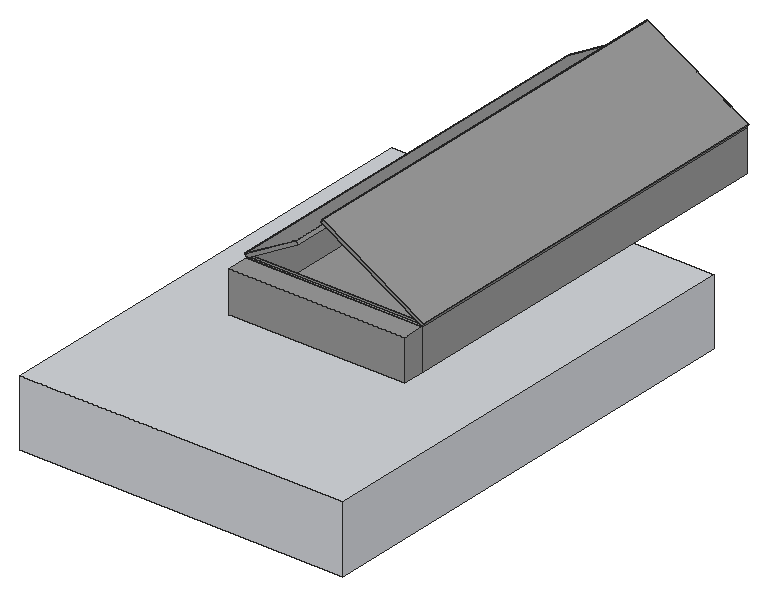
Revit family "Hager-Univers-IP54-D205-H1950-Cl.I-encl-PL-pl", category Equipement électrique, Revit 2020
Family settings
  Hôte = Face
  Configuration du panneau = Deux colonnes, circuits au sein
  Cote de connecteur circulaire = Utiliser le diamètre
  Type d'élément = Tableau de raccordement
  Couper avec des vides une fois chargée = Non
  Partagée = Non
  Point de calcul de pièce = Non
Parameters (values of type "Montaż podłogowy IP54 S800 W1950 G205  - FP23TW2")
  Width Control [instance] = if([EF000008 - Szerokość] > Min Width, [EF000008 - Szerokość], Min Width)  # 800 mm
  Commentaires du type = [HG000003 - Zakres]  # "Univers"
  Thickness Door [instance] = if([EF009171 - Drzwi/pokrywa z materiału o wysokiej wytrzymałości mechanicznej] > 3 mm, 3 mm, [EF009171 - Drzwi/pokrywa z materiału o wysokiej wytrzymałości mechanicznej])  # 1 mm
  Seal Frame Offset [instance] = 17 mm  # constant formula
  Plinth Visibility [instance] = [HG000027 - Wysokość cokołu] > 0 mm  # yes
  Model = ""
  Min Width [instance] = 100 mm  # constant formula
  Min Height [instance] = 100 mm  # constant formula
  Min Depth [instance] = (2 * [EF009170 - Obudowa z materiału o wysokiej wytrzymałości mechanicznej]) + 1 mm  # 3 mm
  Internal Frame Depth [instance] = (Door System Depth * 0.5)  # 9 mm
  Height Control [instance] = if([EF000040 - Wysokość] > Min Height, [EF000040 - Wysokość], Min Height)  # 1950 mm
  HG000027 - Wysokość cokołu = 100 mm
  HG000026 - Stojąca = yes
  HG000024 - Wysokość części dolnej = 800 mm
  HG000023 - Obudowa dwusekcyjna = no
  HG000016 - Widoczność drzwi w widoku 3D [instance] = yes
  HG000015 - Przestrzeń robocza - otwarcie drzwi [instance] = no
  HG000014 - Drzwi prawe [instance] = yes
  HG000013 - Drzwi lewe [instance] = not([HG000014 - Drzwi prawe])  # no
  HG000012 - Kąt otwarcia drzwi [instance] = 30.00°
  HG000010 - Drzwi asymetryczne = yes
  HG000009 - Drzwi dwuskrzydłowe = yes
  HG000006 - Montaż podtynkowy = no
  HG000004 - Referencja producenta = "FP23TW2"
  HG000003 - Zakres = "Univers"
  HG000002 - Z drzwiami lub pokrywą = yes
  Frame Offset Bottom [instance] = 10 mm  # constant formula
  Frame Offset [instance] = 15 mm  # constant formula
  EF015940 - Pokrywa z wyzwalaczem nadciśnieniowym = no
  EF011959 - Stopień ochrony (NEMA) = ""
  EF009554 - Liczba otworów pod flansze = 6
  Fabricant = "Hager"  # constant formula
  EF009212 - Wykonanie pokrywy = "EV000116 - Zamknięty"
  EF009171 - Drzwi/pokrywa z materiału o wysokiej wytrzymałości mechanicznej = 1 mm
  EF009170 - Obudowa z materiału o wysokiej wytrzymałości mechanicznej = 1 mm
  EF008873 - Prąd znamionowy (In) = 400 A
  EF007800 - Do ochrony odgromowej = no
  EF006306 - Z zamkiem = no
  EF006244 - Transparentna pokrywa/drzwi = no
  EF005474 - Stopień ochrony (IP) = "EV006419 - IP54"
  EF004464 - Rodzaj drzwi = "EV002646 - Pojedynczy"
  EF004427 - Liczba modułów = 432
  EF004293 - Odporność udarowa = "EV006815 - IK09"
  EF003532 - Do zastosowań zewnętrznych = no
  EF002950 - Szerokość wyrażona liczbą modułów = 36
  EF001613 - Podtrzymanie funkcji = "EV000494 - Brak"
  EF001596 - Materiał obudowy = "EV000179 - Stal"
  EF001131 - Głębokość wewnętrzna = 205 mm
  EF001088 - Możliwość rozbudowy = yes
  EF000437 - Liczba wejść kablowych = 6
  EF000339 - Rodzaj pokrywy = "EV001012 - Pokrywa"
  EF000266 - Liczba rzędów = 12
  EF000218 - Głębokość wbudowania = 0 mm
  EF000118 - Z płytą montażową = no
  EF000116 - Numer RAL = "9010"
  EF000049 - Głębokość = 205 mm
  EF000040 - Wysokość = 1950 mm
  EF000008 - Szerokość = 800 mm
  EF000007 - Kolor = "EV000202 - Biały"
  EF000003 - Sposób montażu = "EV012274 - Montaż podłogowy"
  Door System Leaf Tolerance [instance] = 1.5 mm  # constant formula
  Door System Depth [instance] = 18 mm  # constant formula
  Door Height [instance] = Height Control - [HG000027 - Wysokość cokołu]  # 1850 mm
  Depth Control [instance] = if([EF000049 - Głębokość] > Min Depth, [EF000049 - Głębokość], Min Depth)  # 205 mm
  Default Elevation = 0 mm
  Connector Offset [instance] = Height Control / 2  # 975 mm
  Bottom Top Plate Trim [instance] = 1.5 mm  # constant formula
  Plinth height Ctrl [instance] = if([HG000027 - Wysokość cokołu] > 0 mm, [HG000027 - Wysokość cokołu], 12 mm)  # 100 mm
Types (4, lengths in mm): name | Width Control | HG000010 - Drzwi asymetryczne | HG000009 - Drzwi dwuskrzydłowe | HG000004 - Referencja producenta | EF009554 - Liczba otworów pod flansze | EF008873 - Prąd znamionowy (In) | EF004464 - Rodzaj drzwi | EF004427 - Liczba modułów | EF002950 - Szerokość wyrażona liczbą modułów | EF000437 - Liczba wejść kablowych | EF000008 - Szerokość
  Montaż podłogowy IP54 S1300 W1950 G205  - FP25TW2 | 1300 | yes | yes | "FP25TW2" | 10 | 400 A | "EV003602 - Podwójny" | 720 | 60 | 10 | 1300
  Montaż podłogowy IP54 S300 W1950 G205  - FP21TW2 | 300 | no | no | "FP21TW2" | 2 | 250 A | "EV002646 - Pojedynczy" | 144 | 12 | 2 | 300
  Montaż podłogowy IP54 S550 W1950 G205  - FP22TW2 | 550 | no | no | "FP22TW2" | 4 | 400 A | "EV002646 - Pojedynczy" | 288 | 24 | 4 | 550
  Montaż podłogowy IP54 S800 W1950 G205  - FP23TW2 | 800 | yes | yes | "FP23TW2" | 6 | 400 A | "EV002646 - Pojedynczy" | 432 | 36 | 6 | 800
Reference planes
  plane 1 "Center (Front/Back)": y = 0
  plane 2: z = 0
  plane 3 "Center (Left/Right)": x = 0
  plane 4: z = 205
  plane 5: y = 101
  plane 6: y = 1025
  plane 7: y = 100
  plane 8: y = 1950
  plane 9: z = 0
  plane 10: x = -385
  plane 11: x = 385
  plane 12: x = 384
  plane 13: x = -384
  plane 14: y = 1949
  plane 15: x = -383
  plane 16: x = -400
  plane 17: x = 383
  plane 18: x = 400
  plane 19: x = 399
  plane 20: x = -399
  plane 21: y = 111
  plane 22: y = 1950
  plane 23: y = 1934
  plane 24: z = 187
  plane 25: z = 1
  plane 26: z = 186
  plane 27: z = 204
Forms (mm)
  Extrusion 1, solid
    sketch origin (0, 0, 0) x (1, 0, 0) y (0, 1, 0)
      loop
        line (-702.964, 1305) -> (-702.964, -811.445) -> (766.763, -811.445) -> (766.763, 1305) -> (-702.964, 1305)
    from 0 to -304.8
  Extrusion 2, solid, material "Hager_Steel_RAL7035_Light_Grey", visible <- "Plinth Visibility", detail levels medium+fine
    sketch origin (0, 0, 0) x (1, 0, 0) y (0, 1, 0)
      loop
        line (-400, 0) -> (400, 0) -> (400, 100) -> (-400, 100) -> (-400, 0)
    from 0 to 187
  Extrusion 3, solid, material "Hager_Steel_RAL7035_Light_Grey", detail levels medium+fine
    sketch origin (0, 0, 0) x (1, 0, 0) y (0, 1, 0)
      loop
        line (-400, 100) -> (400, 100) -> (400, 1950) -> (-400, 1950) -> (-400, 100)
    from 0 to 187
  Extrusion 4, void
    sketch origin (0, 0, 0) x (1, 0, 0) y (0, 1, 0)
      loop
        line (-399, 101) -> (399, 101) -> (399, 1949) -> (-399, 1949) -> (-399, 101)
    from 1 to 186
  Extrusion 5, void
    sketch origin (-381.607, -4572, 187) x (0, -1, 0) y (-1, 0, 0)
      loop
        line (-4683, 2.393) -> (-6506, 2.393) -> (-6506, -765.607) -> (-4683, -765.607) -> (-4683, 2.393)
    from 0 to 1 <- "EF009170 - Obudowa z materiału o wysokiej wytrzymałości mechanicznej"
  Extrusion 6, solid, material "Hager_Steel_RAL7035_Light_Grey", detail levels fine
    sketch origin (0, 0, 187) x (1, 0, 0) y (0, 1, 0)
      loop
        line (-384, 1934) -> (-384, 111) -> (384, 111) -> (384, 1934) -> (-384, 1934)
      loop
        line (-385, 110) -> (385, 110) -> (385, 1935) -> (-385, 1935) -> (-385, 110)
    from 0 to 9 <- "Internal Frame Depth"
  Extrusion 7, solid, material "Hager_Steel_RAL7035_Light_Grey", detail levels coarse
    sketch origin (0, 0, 0) x (1, 0, 0) y (0, 1, 0)
      loop
        line (-400, 0) -> (400, 0) -> (400, 1950) -> (-400, 1950) -> (-400, 0)
    from 0 to 205
  Sweep 8, void
    path in 3D
      loop
        line (-400, 100, 0) -> (400, 100, 0) -> (400, 100, 187) -> (-400, 100, 187) -> (-400, 100, 0)
    profile origin (-400, 100, 93.5) x (-1, 0, 0) y (0, -1, 0)
      loop
        line (0, 0) -> (0, 1.5) -> (-1.5, 1.5)
        arc (-1.5, 1.5) -> (-1.061, 0.439) -> (0, 0) r 1.5
Cuts and joins
  Extrusion 4, Extrusion 5 cuts Extrusion 3
  Sweep 8 cuts Extrusion 2
Lines and regions (mm)
  Masking region 1
    outline origin (0, 0, 0) x (1, 0, 0) y (0, 0, 1)
      loop
        line (-400, 205) -> (-400, 0) -> (400, 0) -> (400, 205) -> (-400, 205)
  Masking region 2, detail levels medium+fine
    outline origin (0, 140, 0) x (0, 1, 0) y (0, 0, 1)
      loop
        line (-40, 0) -> (1810, 0) -> (1810, 187) -> (-40, 187) -> (-40, 0)
  Masking region 3, not visible, detail levels medium+fine
    outline origin (0, 297.922, 0) x (0, 1, 0) y (0, 0, 1)
      loop
        line (738.578, 0) -> (778.578, 0) -> (778.578, 194)
        arc (778.578, 194) -> (775.649, 201.071) -> (768.578, 204) r 10
        line (768.578, 204) -> (738.578, 204) -> (738.578, 0)
  Masking region 4, detail levels coarse
    outline origin (0, 0, 180) x (0, 1, 0) y (0, 0, 1)
      loop
        line (0, -180) -> (1950, -180) -> (1950, 25) -> (0, 25) -> (0, -180)
  Masking region 5, visible <- "Plinth Visibility", detail levels medium+fine
    outline origin (0, 52.24, 12.345) x (0, 0, -1) y (0, 1, 0)
      loop
        line (10.845, 47.76) -> (-173.155, 47.76)
        arc (-173.155, 47.76) -> (-173.594, 46.699) -> (-174.655, 46.26) r 1.5
        line (-174.655, 46.26) -> (-174.655, -52.24) -> (12.345, -52.24) -> (12.345, 46.26)
        arc (12.345, 46.26) -> (11.285, 46.699) -> (10.845, 47.76) r 1.5
  Masking region 6, detail levels medium+fine
    outline origin (-381.607, -4572, 187) x (-1, 0, 0) y (0, -1, 0)
      loop
        line (18.393, -6522) -> (18.393, -4672) -> (-781.607, -4672) -> (-781.607, -6522) -> (18.393, -6522)
  Masking region 7, visible <- "Plinth Visibility", detail levels medium+fine
    outline origin (-381.607, -4727, 187) x (-1, 0, 0) y (0, -1, 0)
      loop
        arc (16.893, -4827) -> (17.332, -4825.939) -> (18.393, -4825.5) r 1.5
        line (18.393, -4825.5) -> (18.393, -4727) -> (-781.607, -4727) -> (-781.607, -4825.5)
        arc (-781.607, -4825.5) -> (-780.546, -4825.939) -> (-780.107, -4827) r 1.5
        line (-780.107, -4827) -> (16.893, -4827)
  Masking region 8, detail levels coarse
    outline origin (-442.548, -4669.526, 187) x (-1, 0, 0) y (0, -1, 0)
      loop
        line (-42.548, -6619.526) -> (-42.548, -4669.526) -> (-842.548, -4669.526) -> (-842.548, -6619.526) -> (-42.548, -6619.526)
  sketch lines
    curve 1: line (-400, 100, 187) -> (-400, 100, 0)
    curve 2: line (400, 100, 187) -> (-400, 100, 187)
    curve 3: line (400, 100, 187) -> (400, 100, 0)
    curve 4: line (-400, 100, 0) -> (400, 100, 0)
Dimensions and locks
  "Depth Control": plane 4 to Extrusion 1
  "HG000027 - Wysokość cokołu": plane 1 "Center (Front/Back)" to plane 7
  "EF009170 - Obudowa z materiału o wysokiej wytrzymałości mechanicznej": plane 5 to plane 7
  locked: connector elem to plane 3 "Center (Left/Right)"
  equal spacing: plane 8, plane 6, plane 7
  locked: connector elem to plane 6
  "EF009170 - Obudowa z materiału o wysokiej wytrzymałości mechanicznej": plane 8 to plane 14
  "EF009170 - Obudowa z materiału o wysokiej wytrzymałości mechanicznej": plane 10 to plane 13
  "EF009170 - Obudowa z materiału o wysokiej wytrzymałości mechanicznej": plane 12 to plane 11
  "Frame Offset": plane 20 to plane 13
  "Frame Offset": plane 12 to plane 19
  "EF009170 - Obudowa z materiału o wysokiej wytrzymałości mechanicznej": plane 16 to plane 20
  "EF009170 - Obudowa z materiału o wysokiej wytrzymałości mechanicznej": plane 19 to plane 18
  "Seal Frame Offset": plane 16 to plane 15
  "Seal Frame Offset": plane 17 to plane 18
  "Frame Offset Bottom": plane 21 to plane 5
  "Frame Offset": plane 14 to plane 23
  equal spacing: plane 16, plane 3 "Center (Left/Right)", plane 18
  "Width Control": plane 16 to plane 18
  "EF009170 - Obudowa z materiału o wysokiej wytrzymałości mechanicznej": plane 4 to plane 27
  "EF009170 - Obudowa z materiału o wysokiej wytrzymałości mechanicznej": plane 24 to plane 26
  "EF009170 - Obudowa z materiału o wysokiej wytrzymałości mechanicznej": plane 25 to level
  "Door System Depth": plane 4 to plane 24
  "Height Control": plane 1 "Center (Front/Back)" to Extrusion 7 sketch curve
  "Height Control": Masking region 4 sketch curve to plane 1 "Center (Front/Back)"
  "Height Control": plane 1 "Center (Front/Back)" to plane 22
  "Bottom Top Plate Trim": profile plane to Sweep 8 sketch curve
  "Bottom Top Plate Trim": Sweep 8 sketch curve to profile plane
  "Plinth height Ctrl": plane 1 "Center (Front/Back)" to Extrusion 2 sketch curve
  "Plinth height Ctrl": Masking region 5 sketch curve to plane 1 "Center (Front/Back)"
  "Plinth height Ctrl": plane 1 "Center (Front/Back)" to Masking region 7 sketch curve
  "Thickness Door": Extrusion 6 sketch curve to Extrusion 6 sketch curve  (x3)
  "Thickness Door": cut or joined group of Extrusion 3, Extrusion 4, Extrusion 5 to Extrusion 6 sketch curve
  radius of Masking region 3 sketch curve = 10 mm
  "Bottom Top Plate Trim": radius of Masking region 5 sketch curve  (x2)
  "Bottom Top Plate Trim": radius of Sweep 8 sketch curve
  "Bottom Top Plate Trim": radius of Masking region 7 sketch curve  (x2)
  aligned and locked: plane 2 to Extrusion 1
  aligned and locked: level to Extrusion 1
  aligned and locked: level to Masking region 1 sketch curve
  aligned and locked: Masking region 1 sketch curve to plane 18
  aligned and locked: Masking region 1 sketch curve to plane 16
  aligned and locked: plane 7 to Masking region 2 sketch curve
  aligned and locked: level to Masking region 3 sketch curve
  aligned and locked: Masking region 3 sketch curve to plane 27
  aligned and locked: level to Masking region 2 sketch curve
  aligned and locked: plane 1 "Center (Front/Back)" to Extrusion 2 sketch curve
  aligned and locked: Extrusion 3 sketch curve to plane 7
  aligned and locked: plane 16 to Extrusion 3 sketch curve
  aligned and locked: plane 18 to Extrusion 3 sketch curve
  aligned and locked: plane 20 to Extrusion 4 sketch curve
  aligned and locked: plane 19 to Extrusion 4 sketch curve
  aligned and locked: Extrusion 4 sketch curve to plane 5
  aligned and locked: Extrusion 4 to plane 25
  aligned and locked: plane 26 to Extrusion 4
  aligned and locked: plane 24 to Extrusion 3
  aligned and locked: Extrusion 5 sketch curve to plane 21
  aligned and locked: Extrusion 5 sketch curve to plane 13
  aligned and locked: Extrusion 5 sketch curve to plane 12
  aligned and locked: plane 18 to Extrusion 7 sketch curve
  aligned and locked: plane 1 "Center (Front/Back)" to Extrusion 7 sketch curve
  aligned and locked: plane 16 to Extrusion 7 sketch curve
  aligned and locked: plane 4 to Extrusion 7
  aligned and locked: Extrusion 7 to level
  aligned and locked: level to Masking region 4 sketch curve
  aligned and locked: Masking region 4 sketch curve to plane 1 "Center (Front/Back)"
  aligned and locked: Masking region 4 sketch curve to plane 4
  aligned and locked: nested 1 to level
  aligned and locked: nested 1 to plane 16
  aligned and locked: plane 8 to Extrusion 3 sketch curve
  aligned and locked: plane 23 to Extrusion 5 sketch curve
  aligned and locked: plane 14 to Extrusion 4 sketch curve
  aligned and locked: Masking region 2 sketch curve to plane 8
  aligned and locked: level to Masking region 5 sketch curve
  aligned and locked: plane 16 to Extrusion 2 sketch curve
  aligned and locked: plane 18 to Extrusion 2 sketch curve
  aligned and locked: Masking region 5 sketch curve to plane 24
  aligned and locked: Masking region 2 sketch curve to plane 24
  aligned and locked: plane 24 to Extrusion 2
  aligned and locked: profile plane to Sweep 8 sketch curve  (x2)
  aligned and locked: Masking region 6 sketch curve to plane 18
  aligned and locked: Masking region 6 sketch curve to plane 22
  aligned and locked: Masking region 6 sketch curve to plane 16
  aligned and locked: plane 8 to plane 22
  aligned and locked: Masking region 6 sketch curve to plane 7
  aligned and locked: Masking region 7 sketch curve to plane 16
  aligned and locked: Masking region 7 sketch curve to plane 1 "Center (Front/Back)"
  aligned and locked: Masking region 7 sketch curve to plane 18
  aligned and locked: Masking region 8 sketch curve to plane 1 "Center (Front/Back)"
  aligned and locked: Masking region 8 sketch curve to plane 18
  aligned and locked: Masking region 8 sketch curve to plane 22
  aligned and locked: Masking region 8 sketch curve to plane 16
  aligned and locked: nested 2 to plane 7
  aligned and locked: plane 3 "Center (Left/Right)" to nested 2
  aligned and locked: nested 2 to plane 24
  aligned and locked: Extrusion 6 sketch curve to cut or joined group of Extrusion 3, Extrusion 4, Extrusion 5  (x4)
Automatic sketch dimensions
  Extrusion 1 sketch curve to Extrusion 1 sketch curve = 1469.727 mm
  Extrusion 1 sketch curve to Extrusion 1 sketch curve = 2116.445 mm
  Masking region 1 sketch curve to plane 4 = 0 mm
  plane 6 to Masking region 3 sketch curve = 11.5 mm
  Masking region 3 sketch curve to Masking region 3 sketch curve = 30 mm
  Masking region 5 sketch curve to plane 1 "Center (Front/Back)" = 0 mm
Nested families
  nested 1: "Hager_Enclosure_Symbol" at (-400, 0, 0) x (1, 0, 0) z (0, -1, 0), Height <- "Depth Control", Width <- "Width Control", type "Hager_Enclosure_Symbol"
    with Width_Ctrl 800 mm, Width 800 mm, Height_Ctrl 205 mm, Height 205 mm, A_Width_Int 13.453 mm, A_Width 161.438 mm, A_Height_Ctrl 179.375 mm, A_Height 179.375 mm
  nested 2: "EC000058_Univers_Door" at (0, 100, 187) x (1, 0, 0) z (0, 1, 0), Leaf_Tolerance <- "Door System Leaf Tolerance", Angle <- "HG000012 - Kąt otwarcia drzwi", Door_Depth <- "Door System Depth", Door_Left <- "HG000013 - Drzwi lewe", Transparent <- "EF006244 - Transparentna pokrywa/drzwi", Assymetrical <- "HG000010 - Drzwi asymetryczne", Width <- "Width Control", Clearance <- "HG000015 - Przestrzeń robocza - otwarcie drzwi", Double <- "HG000009 - Drzwi dwuskrzydłowe", 3d_Door <- "HG000016 - Widoczność drzwi w widoku 3D", Lock_Visibility <- "EF006306 - Z zamkiem", Width_Ctrl <- "Width Control", Door_Right <- "HG000014 - Drzwi prawe", Door <- "HG000002 - Z drzwiami lub pokrywą", Height <- "Door Height", Thickness <- "Thickness Door", type "EC000058_Univers_Door", detail levels medium+fine
    with min_wh 3 mm, Width_Ctrl 800 mm, Width 800 mm, Transparent no, Thickness 1 mm, Seal_Material Hager_Rubber, Lock_Visibility no, Lock_Material Hager_Plastic_RAL9005_Jet_Black, Leaf_Width 800 mm, Leaf_Tolerance_External_Sides 0 mm, Leaf_Tolerance 1.5 mm, Leaf_Offset 0 mm, Leaf_Height 1847 mm, Leaf_2_Width 532.583 mm, Leaf_2_Offset 266.292 mm, Leaf_1_Width 265.917 mm, Leaf_1_Offset 132.958 mm, Height_Ctrl 1850 mm, Height 1850 mm, Glass_Material Hager_Glass, Double_Clearance_Ctrl no, Double yes, Door_Right_Ctrl yes, Door_Right yes, Door_Material Hager_Steel_RAL7035_Light_Grey, Door_Left_Ctrl yes, Door_Left no, Door_Depth 18 mm, Door yes, Clearance_Material Hager_Clearance, Clearance_Depth 532.583 mm, Clearance_Ctrl no, Clearance no, Assymetrical yes, Angle 30.00°, 3d_Door yes
Connectors
  electrical at (0, 1025, 0)
    settings: on plane 9, index 1, voltage 0 V, apparent load 0 VA, apparent load phase1 0 VA, apparent load phase2 0 VA, apparent load phase3 0 VA, power factor 1, load classification "Other", number of poles 1, system type 30, power factor state 1, is connector primary yes, connector utility no, sub classification motor no, connector description ""
Definition of nested family "EC000058_Univers_Door"
  Parameters (values of type "EC000058_Univers_Door")
    min_wh [instance] = (2 * Thickness) + 1 mm  # 11 mm
    Width_Ctrl [instance] = 400 mm
    Width [instance] = 500 mm
    Transparent [instance] = yes
    Thickness [instance] = 5 mm
    Seal_Material [instance] = none
    Lock_Visibility [instance] = yes
    Lock_Material [instance] = none
    Leaf_Width [instance] = if((Width_Ctrl - 2 * Leaf_Tolerance_External_Sides) > 0 mm, (Width_Ctrl - 2 * Leaf_Tolerance_External_Sides), min_wh)  # 400 mm
    Leaf_Tolerance_External_Sides [instance] = 0 mm  # constant formula
    Leaf_Tolerance [instance] = 1.5 mm
    Leaf_Offset [instance] = 0 mm  # constant formula
    Leaf_Height [instance] = if((Height_Ctrl - 2 * Leaf_Tolerance) > 0 mm, (Height_Ctrl - 2 * Leaf_Tolerance), min_wh)  # 497 mm
    Leaf_2_Width [instance] = if(and(and(Double, Assymetrical), Door_Left), (Leaf_Width / 3) - (Leaf_Tolerance / 2), if(and(and(Double, Assymetrical), Door_Right), (Leaf_Width / 3) * 2 - (Leaf_Tolerance / 2), if(and(Double, not(Assymetrical)), (Leaf_Width / 2) - Leaf_Tolerance, Leaf_Width)))  # 400 mm
    Leaf_2_Offset [instance] = if(and(Double, Assymetrical), Leaf_2_Width / 2, if(and(Double, not(Assymetrical)), Leaf_Width / 4, Leaf_Width / 2))  # 200 mm
    Leaf_1_Width [instance] = if(and(and(Double, Assymetrical), Door_Right), (Leaf_Width / 3) - (Leaf_Tolerance / 2), if(and(and(Double, Assymetrical), Door_Left), (Width / 3) * 2 - (Leaf_Tolerance / 2), if(and(Double, not(Assymetrical)), (Leaf_Width / 2) - Leaf_Tolerance, Leaf_Width)))  # 400 mm
    Leaf_1_Offset [instance] = if(and(Double, Assymetrical), Leaf_1_Width / 2, if(and(Double, not(Assymetrical)), Leaf_Width / 4, Leaf_Width / 2))  # 200 mm
    Height_Ctrl [instance] = if(Height > min_wh, Height, min_wh)  # 500 mm
    Height [instance] = 500 mm
    Glass_Material [instance] = none
    Double_Clearance_Ctrl [instance] = and(Double, Clearance)  # no
    Double [instance] = no
    Door_Right_Ctrl [instance] = and(or(Door_Right, Double), Door)  # yes
    Door_Right [instance] = yes
    Door_Material [instance] = none
    Door_Left_Ctrl [instance] = and(or(Door_Left, Double), Door)  # no
    Door_Left [instance] = no
    Door_Depth [instance] = 30 mm
    Door [instance] = yes
    Default Elevation = 1219.2 mm
    Clearance_Material [instance] = none
    Clearance_Depth [instance] = if(Leaf_1_Width > Leaf_2_Width, Leaf_1_Width, Leaf_2_Width)  # 400 mm
    Clearance_Ctrl [instance] = and(not(Double), Clearance)  # yes
    Clearance [instance] = yes
    Assymetrical [instance] = yes
    Angle [instance] = 30.00°
    3d_Door [instance] = yes
  Reference planes
    plane 1 "Center (Front/Back)": y = 0
    plane 2 "Bottom": z = 0
    plane 3 "Center (Left/Right)": x = 0
    plane 4: z = 500
    plane 5: x = -200
    plane 6: x = 200
    plane 7: z = 500
    plane 8: x = -200
    plane 9: z = 0
    plane 10: x = 200
    plane 11: y = 0
    plane 12: z = 1.5
    plane 13: x = -600
    plane 14: y = -400
    plane 15: x = 600
    plane 16: x = 0
    plane 17: x = 0
    plane 18: x = -200
    plane 19: x = 200
    plane 20: z = 498.5
  Forms (mm)
    Extrusion 1, solid, material <- "Clearance_Material", visible <- "Double_Clearance_Ctrl"
      sketch origin (1200, 0, 0) x (1, 0, 0) y (0, 0, -1)
        loop
          line (-1800, -498.5) -> (-600, -498.5) -> (-600, 0) -> (-1800, 0) -> (-1800, -498.5)
      from 0 to -400
  Dimensions and locks
    equal spacing: plane 5, plane 3 "Center (Left/Right)", plane 6
    "Width_Ctrl": plane 5 to plane 6
    "Leaf_Offset": plane 5 to plane 8
    "Leaf_Offset": plane 6 to plane 10
    "Leaf_Offset": plane 9 to level
    "Leaf_Offset": plane 4 to plane 7
    "Height_Ctrl": plane 4 to level
    "Leaf_Tolerance": plane 12 to plane 9
    locked: plane 11 to plane 1 "Center (Front/Back)"
    "Leaf_1_Offset": plane 18 to plane 16
    "Leaf_2_Offset": plane 17 to plane 19
    "Leaf_1_Width": plane 13 to plane 8
    "Leaf_2_Width": plane 10 to plane 15
    "Clearance_Depth": plane 14 to plane 1 "Center (Front/Back)"
    "Leaf_Tolerance_External_Sides": plane 8 to plane 18
    "Leaf_Tolerance_External_Sides": plane 19 to plane 10
    "Leaf_Tolerance": plane 7 to plane 20
    aligned and locked: level to plane 2 "Bottom"
    aligned and locked: nested 1 to plane 16
    aligned and locked: nested 2 to plane 17
    aligned and locked: Extrusion 1 to plane 13
    aligned and locked: plane 15 to Extrusion 1
    aligned and locked: Extrusion 1 to plane 14
    aligned and locked: plane 12 to nested 1
    aligned and locked: nested 2 to plane 12
    aligned and locked: Extrusion 1 to plane 11
    aligned and locked: plane 20 to Extrusion 1
    aligned and locked: nested 2 to plane 11
    aligned and locked: nested 1 to plane 11
  Automatic sketch dimensions
    Extrusion 1 sketch curve to level = 0 mm
    plane 5 to Extrusion 1 sketch curve = 400 mm
    plane 6 to Extrusion 1 sketch curve = 400 mm
    Extrusion 1 sketch curve to plane 4 = 1.5 mm
  Nested families
    nested 1: "EC000058_Univers_Door_Leaf" at (0, 0, 1.5), Width <- "Leaf_1_Width", visible <- "Door_Left_Ctrl", Leaf_Height <- "Leaf_Height", Angle <- "Angle", 3d_Door <- "3d_Door", Transparent <- "Transparent", Clearance Material <- "Clearance_Material", Clearance <- "Clearance_Ctrl", Door_Material <- "Door_Material", Glass_Material <- "Glass_Material", Door_Depth <- "Door_Depth", Lock_Material <- "Lock_Material", Seal_Material <- "Seal_Material", Lock_Visibility <- "Lock_Visibility", Thickness <- "Thickness", type "EC000058_Univers_Door_Leaf"
      with Width 400 mm, Transparent_Glass_Offset 30 mm, Transparent_Ctrl yes, Transparent yes, Thickness 5 mm, Standard no, Seal_Material none, Seal_D2 8 mm, Seal_D1 1 mm, Offset_Internal_Frame 10 mm, Lock_Width 20 mm, Lock_Visibility_3d yes, Lock_Visibility yes, Lock_Thickness_3 3 mm, Lock_Thickness_2 1 mm, Lock_Thickness_1 3 mm, Lock_Radius_Offset_2 16 mm, Lock_Radius_Offset_1 15 mm, Lock_Radius_2 5 mm, Lock_Radius 6 mm, Lock_Offset 5 mm, Lock_Material none, Lock_Height 80 mm, Lock_Cover_Top_Offset_2d 17 mm, Lock_Cover_Height -65 mm, Leaf_Height 497 mm, Internal_Seal_Thickness 8 mm, Internal_Seal_Depth_2 4.5 mm, Internal_Frame_Depth 25 mm, Glass_Thickness -1 mm, Glass_Offset -2 mm, Glass_Material none, Door_Material none, Door_Depth 30 mm, Clearance Material none, Clearance yes, Angle_Ctrl 30.00°, Angle 30.00°, 3d_Door yes
    nested 2: "EC000058_Univers_Door_Leaf" at (0, 0, 1.5) x (-1, 0, 0) z (0, 0, 1), Width <- "Leaf_2_Width", visible <- "Door_Right_Ctrl", Leaf_Height <- "Leaf_Height", Angle <- "Angle", 3d_Door <- "3d_Door", Transparent <- "Transparent", Clearance Material <- "Clearance_Material", Clearance <- "Clearance_Ctrl", Door_Material <- "Door_Material", Glass_Material <- "Glass_Material", Door_Depth <- "Door_Depth", Lock_Material <- "Lock_Material", Seal_Material <- "Seal_Material", Lock_Visibility <- "Lock_Visibility", Thickness <- "Thickness", type "EC000058_Univers_Door_Leaf"
      with Width 400 mm, Transparent_Glass_Offset 30 mm, Transparent_Ctrl yes, Transparent yes, Thickness 5 mm, Standard no, Seal_Material none, Seal_D2 8 mm, Seal_D1 1 mm, Offset_Internal_Frame 10 mm, Lock_Width 20 mm, Lock_Visibility_3d yes, Lock_Visibility yes, Lock_Thickness_3 3 mm, Lock_Thickness_2 1 mm, Lock_Thickness_1 3 mm, Lock_Radius_Offset_2 16 mm, Lock_Radius_Offset_1 15 mm, Lock_Radius_2 5 mm, Lock_Radius 6 mm, Lock_Offset 5 mm, Lock_Material none, Lock_Height 80 mm, Lock_Cover_Top_Offset_2d 17 mm, Lock_Cover_Height -65 mm, Leaf_Height 497 mm, Internal_Seal_Thickness 8 mm, Internal_Seal_Depth_2 4.5 mm, Internal_Frame_Depth 25 mm, Glass_Thickness -1 mm, Glass_Offset -2 mm, Glass_Material none, Door_Material none, Door_Depth 30 mm, Clearance Material none, Clearance yes, Angle_Ctrl 30.00°, Angle 30.00°, 3d_Door yes
  Definition of nested family "EC000058_Univers_Door_Leaf"
    Parameters (values of type "EC000058_Univers_Door_Leaf")
      Width [instance] = 2000 mm
      Transparent_Glass_Offset [instance] = 30 mm
      Transparent_Ctrl [instance] = and(Transparent, [3d_Door])  # yes
      Transparent [instance] = yes
      Thickness [instance] = 5 mm
      Standard [instance] = and(not(Transparent), [3d_Door])  # no
      Seal_Material [instance] = none
      Seal_D2 [instance] = 8 mm  # constant formula
      Seal_D1 [instance] = 1 mm  # constant formula
      Offset_Internal_Frame [instance] = 10 mm  # constant formula
      Lock_Width [instance] = 20 mm  # constant formula
      Lock_Visibility_3d [instance] = and(Lock_Visibility, [3d_Door])  # yes
      Lock_Visibility [instance] = yes
      Lock_Thickness_3 [instance] = 3 mm  # constant formula
      Lock_Thickness_2 [instance] = 1 mm  # constant formula
      Lock_Thickness_1 [instance] = 3 mm  # constant formula
      Lock_Radius_Offset_2 [instance] = Lock_Radius_Offset_1 + 1 mm  # 16 mm
      Lock_Radius_Offset_1 [instance] = 15 mm  # constant formula
      Lock_Radius_2 [instance] = Lock_Radius - 1 mm  # 5 mm
      Lock_Radius [instance] = 6 mm  # constant formula
      Lock_Offset [instance] = 5 mm  # constant formula
      Lock_Material [instance] = none
      Lock_Height [instance] = 80 mm  # constant formula
      Lock_Cover_Top_Offset_2d [instance] = Lock_Radius_Offset_2 + 1 mm  # 17 mm
      Lock_Cover_Height [instance] = -(Lock_Height - Lock_Radius_Offset_1)  # -65 mm
      Leaf_Height [instance] = 2720.336 mm
      Internal_Seal_Thickness [instance] = 8 mm  # constant formula
      Internal_Seal_Depth_2 [instance] = 4.5 mm  # constant formula
      Internal_Frame_Depth [instance] = if(Door_Depth - Thickness > 5 mm, Door_Depth - Thickness, 5 mm)  # 25 mm
      Glass_Thickness [instance] = if(Thickness > 15 mm, Glass_Offset + 10 mm, -1 mm)  # -1 mm
      Glass_Offset [instance] = if(Thickness > 15 mm, -(Thickness + 10 mm) / 2, -2 mm)  # -2 mm
      Glass_Material [instance] = none
      Door_Material [instance] = none
      Door_Depth [instance] = 30 mm
      Default Elevation = 0 mm
      Clearance Material [instance] = none
      Clearance [instance] = yes
      Angle_Ctrl [instance] = if(Angle > 180.00°, 180.00°, Angle)  # 90.00°
      Angle [instance] = 90.00°
      3d_Door [instance] = yes
    Reference planes
      plane 1 "Center (Front/Back)": y = 0
      plane 2: z = 0
      plane 3 "Center (Left/Right)": x = 0
      plane 4: y = 2000
      plane 5: x = -1000
      plane 6: x = 1000
      plane 7: x = -3000
      plane 8: z = 2720.336
      plane 9: z = 30
      plane 10: z = 2690.336
      plane 11: x = 970
      plane 12: x = -970
      plane 13: y = -3
      plane 14: z = 107.833
      plane 15: y = -5
      plane 16: y = -223.314
      plane 17: x = -1000
      plane 18: z = 1360.168
      plane 19: y = 30
    Forms (mm)
      Extrusion 1, solid, material <- "Clearance Material", visible <- "Clearance"
        sketch origin (0, 0, 0) x (1, 0, 0) y (0, 0, 1)
          loop
            line (-3000, 2720.336) -> (-3000, 0) -> (1000, 0) -> (1000, 2720.336) -> (-3000, 2720.336)
        from 0 to -2000
      Extrusion 2, solid, material <- "Door_Material", visible <- "Standard", detail levels medium+fine
        sketch origin (-1000, 0, 0) x (0, 1, 0) y (-1, 0, 0)
          loop
            line (0, 30) -> (0, 25) -> (2000, 25) -> (2000, 30) -> (0, 30)
        from 0 to 2720.336 <- "Leaf_Height"
      Extrusion 3, solid, material <- "Door_Material", visible <- "Transparent_Ctrl", detail levels medium+fine
        sketch origin (-1000, 0, 0) x (0, 1, 0) y (-1, 0, 0)
          loop
            line (0, 25) -> (2000, 25) -> (2000, 30) -> (0, 30) -> (0, 25)
        from 0 to 2720.336 <- "Leaf_Height"
      Extrusion 4, void
        sketch origin (-1025, 2000, 0) x (0, 1, 0) y (0, 0, -1)
          loop
            line (-30, -2690.336) -> (-30, -30) -> (-1970, -30) -> (-1970, -2690.336) -> (-30, -2690.336)
        from 0 to 5 <- "Thickness"
      Sweep 5, solid, material <- "Seal_Material", visible <- "Transparent_Ctrl", detail levels fine
        path in 3D
          loop
            line (-1025, 30, 30) -> (-1025, 30, 2690.336) -> (-1025, 1970, 2690.336) -> (-1025, 1970, 30) -> (-1025, 30, 30)
        profile origin (-1025, 1000, 30) x (1, 0, 0) y (0, 0, 1)
          loop
            line (0, 0) -> (0, -8) -> (1, -8) -> (1, 0) -> (0, 0)
      Extrusion 6, solid, material <- "Glass_Material", visible <- "Transparent_Ctrl", detail levels medium+fine
        sketch origin (-1030, 0, 0) x (0, 1, 0) y (0, 0, -1)
          loop
            line (1970, -2690.336) -> (1970, -30) -> (30, -30) -> (30, -2690.336) -> (1970, -2690.336)
        from -2 <- "Glass_Offset" to -1 <- "Glass_Thickness"
      Extrusion 7, solid, material <- "Door_Material", visible <- "3d_Door", detail levels medium+fine
        sketch origin (-1025, 2000, 0) x (0, -1, 0) y (0, 0, -1)
          loop
            line (0, -2720.336) -> (2000, -2720.336) -> (2000, 0) -> (0, 0) -> (0, -2720.336)
          loop
            line (1995, -5) -> (5, -5) -> (5, -2715.336) -> (1995, -2715.336) -> (1995, -5)
        from 0 to 25 <- "Internal_Frame_Depth"
      Sweep 8, solid, material <- "Seal_Material", visible <- "Transparent_Ctrl", detail levels fine
        path in 3D
          loop
            line (-1025, 0, 0) -> (-1025, 2000, 0) -> (-1025, 2000, 2720.336) -> (-1025, 0, 2720.336) -> (-1025, 0, 0)
        profile origin (-1025, 0, 1360.168) x (1, 0, 0) y (0, 1, 0)
          loop
            line (0, 10) -> (2.975, 10)
            arc (2.975, 10) -> (4.053, 10.447) -> (4.5, 11.525) r 1.525
            line (4.5, 11.525) -> (4.5, 16.527)
            arc (4.5, 16.527) -> (4.069, 17.569) -> (3.027, 18) r 1.473
            line (3.027, 18) -> (0, 18) -> (0, 10)
      Extrusion 9, solid, material <- "Lock_Material", visible <- "Lock_Visibility_3d", detail levels fine
        sketch origin (-1030, 0, 0) x (0, 1, 0) y (0, 0, -1)
          loop
            arc (1993.5, -1400.168) -> (1994.561, -1399.729) -> (1995, -1398.668) r 1.5
            line (1995, -1398.668) -> (1995, -1320.168) -> (1975, -1320.168) -> (1975, -1398.668)
            arc (1975, -1398.668) -> (1975.439, -1399.729) -> (1976.5, -1400.168) r 1.5
            line (1976.5, -1400.168) -> (1993.5, -1400.168)
        from 3 <- "Lock_Thickness_1" to 0
      Blend 10, solid, material <- "Lock_Material", visible <- "Lock_Visibility_3d", detail levels fine
        base sketch origin (-1033, 0, 0) x (0, 1, 0) y (0, 0, -1)
          loop
            line (1975, -1320.168) -> (1975, -1398.668)
            arc (1975, -1398.668) -> (1975.439, -1399.729) -> (1976.5, -1400.168) r 1.5
            line (1976.5, -1400.168) -> (1993.5, -1400.168)
            arc (1993.5, -1400.168) -> (1994.561, -1399.729) -> (1995, -1398.668) r 1.5
            line (1995, -1398.668) -> (1995, -1320.168) -> (1975, -1320.168)
        top sketch origin (-1033, 0, 0) x (0, 1, 0) y (0, 0, -1)
          loop
            line (1976, -1320.168) -> (1976, -1398.668)
            arc (1976, -1398.668) -> (1976.146, -1399.022) -> (1976.5, -1399.168) r 0.5
            line (1976.5, -1399.168) -> (1993.5, -1399.168)
            arc (1993.5, -1399.168) -> (1993.854, -1399.022) -> (1994, -1398.668) r 0.5
            line (1994, -1398.668) -> (1994, -1320.168) -> (1976, -1320.168)
        from 0 to 1 <- "Lock_Thickness_2"
      Blend 11, solid, material <- "Lock_Material", visible <- "Lock_Visibility_3d", detail levels fine
        base sketch origin (-1034, 0, 0) x (0, 1, 0) y (0, 0, -1)
          loop
            line (1978, -1320.168) -> (1978, -1384.168)
            arc (1978, -1384.168) -> (1985, -1391.168) -> (1992, -1384.168) r 7
            line (1992, -1384.168) -> (1992, -1320.168) -> (1978, -1320.168)
        top sketch origin (-1034, 0, 0) x (0, 1, 0) y (0, 0, -1)
          loop
            line (1991, -1320.168) -> (1979, -1320.168) -> (1979, -1383.168)
            arc (1979, -1383.168) -> (1985, -1389.168) -> (1991, -1383.168) r 6
            line (1991, -1383.168) -> (1991, -1320.168)
        from 0 to 3 <- "Lock_Thickness_3"
      Extrusion 12, solid, material <- "Lock_Material", visible <- "Lock_Visibility_3d", detail levels fine
        sketch origin (-1030, 1975, 1320.168) x (1, 0, 0) y (0, -1, 0)
          loop
            line (-7, -19) -> (-7, -1) -> (0, -1) -> (0, 0) -> (-8, 0) -> (-8, -20) -> (0, -20) -> (0, -19) -> (-7, -19)
        from 0 to -65 <- "Lock_Cover_Height"
      Extrusion 13, void
        sketch origin (-1038, 1995, 1320.168) x (-1, 0, 0) y (0, 0, -1)
          loop
            line (-5, -65) -> (0, -65) -> (-5, -60) -> (-5, -65)
        from 0 to 20 <- "Lock_Width"
      Extrusion 14, void
        sketch origin (-1038, 1975, 1320.168) x (0, -1, 0) y (0, 0, -1)
          loop
            circle (-10, -15.995) r 6
          loop
            circle (-10, -15.995) r 5
        from 0 to 2
      Extrusion 15, solid, material <- "Lock_Material", visible <- "Lock_Visibility_3d", detail levels medium
        sketch origin (-1030, 0, 0) x (0, 1, 0) y (0, 0, -1)
          loop
            arc (1993.5, -1400.168) -> (1994.561, -1399.729) -> (1995, -1398.668) r 1.5
            line (1995, -1398.668) -> (1995, -1320.168) -> (1975, -1320.168) -> (1975, -1398.668)
            arc (1975, -1398.668) -> (1975.439, -1399.729) -> (1976.5, -1400.168) r 1.5
            line (1976.5, -1400.168) -> (1993.5, -1400.168)
        from 8 to 0
    Cuts and joins
      Extrusion 4 cuts Extrusion 3
      Extrusion 13, Extrusion 14 cuts Extrusion 9
      Extrusion 14 cuts Blend 11
      Extrusion 13, Extrusion 14 cuts Extrusion 12
      joined: Extrusion 9, Blend 10, Blend 11, Extrusion 12
      Extrusion 14 cuts Extrusion 15
    Lines and regions (mm)
      Masking region 1, visible <- "Lock_Visibility", detail levels fine
        outline origin (0, 0, 0) x (0, 1, 0) y (0, 0, 1)
          loop
            line (30, 1320.168) -> (33, 1320.168) -> (33, 1400.168) -> (30, 1400.168) -> (30, 1320.168)
      Masking region 2, visible <- "Lock_Visibility", detail levels fine
        outline origin (0, 3.143, 0) x (0, 1, 0) y (0, 0, 1)
          loop
            line (29.857, 1354.168) -> (30.857, 1354.168) -> (30.857, 1366.168) -> (29.857, 1366.168) -> (29.857, 1354.168)
      Masking region 3, detail levels medium+fine
        outline origin (0, 0, 0) x (0, 1, 0) y (0, 0, 1)
          loop
            line (0, 0) -> (30, 0) -> (30, 2720.336) -> (0, 2720.336) -> (0, 0)
      Masking region 4, detail levels medium+fine
        outline origin (0, 0, 0) x (1, 0, 0) y (0, 0, 1)
          loop
            line (-1000, 2720.336) -> (-1000, 0) -> (1000, 0) -> (1000, 2720.336) -> (-1000, 2720.336)
      Masking region 5, visible <- "Lock_Visibility", detail levels fine
        outline origin (-47.116, 0, 0) x (1, 0, 0) y (0, 0, 1)
          loop
            arc (1024.616, 1399.168) -> (1023.556, 1398.729) -> (1023.116, 1397.668) r 1.5
            line (1023.116, 1397.668) -> (1023.116, 1320.168) -> (1041.116, 1320.168) -> (1041.116, 1397.668)
            arc (1041.116, 1397.668) -> (1040.677, 1398.729) -> (1039.616, 1399.168) r 1.5
            line (1039.616, 1399.168) -> (1024.616, 1399.168)
      Masking region 6, visible <- "Lock_Visibility", detail levels medium+fine
        outline origin (-25, 0, 0) x (1, 0, 0) y (0, 0, 1)
          loop
            arc (1001.5, 1400.168) -> (1000.439, 1399.729) -> (1000, 1398.668) r 1.5
            line (1000, 1398.668) -> (1000, 1320.168) -> (1020, 1320.168) -> (1020, 1398.668)
            arc (1020, 1398.668) -> (1019.561, 1399.729) -> (1018.5, 1400.168) r 1.5
            line (1018.5, 1400.168) -> (1001.5, 1400.168)
      Masking region 7, visible <- "Lock_Visibility", detail levels fine
        outline origin (-73.735, 0, 0) x (1, 0, 0) y (0, 0, 1)
          loop
            line (1051.735, 1382.168) -> (1065.735, 1382.168) -> (1065.735, 1384.168)
            arc (1065.735, 1384.168) -> (1058.735, 1391.168) -> (1051.735, 1384.168) r 7
            line (1051.735, 1384.168) -> (1051.735, 1382.168)
      Masking region 8, visible <- "Lock_Visibility", detail levels fine
        outline origin (-73.735, 0, 0) x (1, 0, 0) y (0, 0, 1)
          loop
            line (1052.735, 1382.168) -> (1064.735, 1382.168) -> (1064.735, 1383.168)
            arc (1064.735, 1383.168) -> (1058.735, 1389.168) -> (1052.735, 1383.168) r 6
            line (1052.735, 1383.168) -> (1052.735, 1382.168)
      Masking region 9, visible <- "Lock_Visibility", detail levels fine
        outline origin (-25, 0, 0) x (1, 0, 0) y (0, 0, 1)
          loop
            line (1020, 1320.168) -> (1020, 1382.168) -> (1000, 1382.168) -> (1000, 1320.168) -> (1020, 1320.168)
      Masking region 10, detail levels medium+fine
        outline origin (0, 0, 0) x (1, 0, 0) y (0, 0, 1)
          loop
            circle (985, 1335.144) r 6
      Masking region 11, detail levels fine
        outline origin (0, 0, 0) x (1, 0, 0) y (0, 0, 1)
          loop
            circle (985, 1335.144) r 5
      Masking region 12, visible <- "Lock_Visibility", detail levels fine
        outline origin (0, 12.767, 0) x (0, 1, 0) y (0, 0, 1)
          loop
            line (20.233, 1320.168) -> (21.233, 1320.168) -> (21.233, 1399.168) -> (20.233, 1400.168) -> (20.233, 1320.168)
      Masking region 13, visible <- "Lock_Visibility", detail levels fine
        outline origin (0, 13.767, -10) x (0, 1, 0) y (0, 0, 1)
          loop
            line (20.233, 1330.168) -> (23.233, 1330.168) -> (23.233, 1399.168) -> (20.233, 1402.168) -> (20.233, 1330.168)
      Masking region 14, visible <- "Lock_Visibility", detail levels fine
        outline origin (0, 12.767, -10) x (0, 1, 0) y (0, 0, 1)
          loop
            line (20.233, 1330.168) -> (25.233, 1330.168) -> (25.233, 1399.305) -> (20.233, 1394.305) -> (20.233, 1330.168)
      Masking region 15, visible <- "Lock_Visibility", detail levels medium
        outline origin (0, 0, 0) x (0, 1, 0) y (0, 0, 1)
          loop
            line (30, 1320.168) -> (38, 1320.168) -> (38, 1400.168) -> (30, 1400.168) -> (30, 1320.168)
      Masking region 16, visible <- "Lock_Visibility", detail levels fine
        outline origin (-1000, 0, 0) x (0, 1, 0) y (-1, 0, 0)
          loop
            line (1975, 30) -> (1995, 30) -> (1995, 38) -> (1975, 38) -> (1975, 30)
          loop
            line (1979, 37) -> (1976, 37) -> (1976, 34) -> (1978, 34) -> (1979, 37)
          loop
            line (1994, 37) -> (1991, 37) -> (1992, 34) -> (1994, 34) -> (1994, 37)
      Masking region 17, visible <- "Lock_Visibility", detail levels medium
        outline origin (-1000, 0, 0) x (0, 1, 0) y (-1, 0, 0)
          loop
            line (1975, 30) -> (1995, 30) -> (1995, 38) -> (1975, 38) -> (1975, 30)
      symbolic lines
        curve 1: line (1000, 0, 0) -> (-3000, 0, 0)
        curve 2: arc (1000, 0, 0) -> (-1000, 2000, 0) -> (-3000, 0, 0) r 2000
        curve 4: line (-1030, 0, 0) -> (-1030, 2000, 0)
      reference lines
        curve 3: line (-1000, 0, 0) -> (-1000, 2000, 0)
      symbolic lines, detail levels medium+fine
        curve 5: line (-1030, 2000, 0) -> (-1025, 2000, 0)
        curve 7: line (-1025, 0, 0) -> (-1030, 0, 0)
        curve 8: line (-1025, 0, 0) -> (-1000, 0, 0)
        curve 9: line (-1000, 0, 0) -> (-1000, 2000, 0)
        curve 10: line (-1000, 2000, 0) -> (-1025, 2000, 0)
      symbolic lines, detail levels fine
        curve 6: line (-1025, 2000, 0) -> (-1025, 0, 0)
      sketch lines
        curve 11: line (-1025, 0, 2720.336) -> (-1025, 0, 0)
        curve 12: line (-1025, 2000, 0) -> (-1025, 0, 0)
        curve 13: line (-1025, 2000, 2720.336) -> (-1025, 2000, 0)
        curve 14: line (-1025, 0, 2720.336) -> (-1025, 2000, 2720.336)
        curve 15: line (-1025, 1970, 30) -> (-1025, 30, 30)
        curve 16: line (-1025, 30, 30) -> (-1025, 30, 2690.336)
        curve 17: line (-1025, 1970, 2690.336) -> (-1025, 1970, 30)
        curve 18: line (-1025, 30, 2690.336) -> (-1025, 1970, 2690.336)
      symbolic lines, visible <- "Transparent", detail levels medium+fine
        curve 19: line (-970, 0, 2690.336) -> (970, 0, 2690.336)
        curve 20: line (-970, 0, 30) -> (-970, 0, 2690.336)
        curve 21: line (970, 0, 30) -> (-970, 0, 30)
        curve 22: line (970, 0, 2690.336) -> (970, 0, 30)
    Dimensions and locks
      "Width": plane 1 "Center (Front/Back)" to plane 4
      equal spacing: plane 5, plane 3 "Center (Left/Right)", plane 6
      "Width": plane 5 to plane 6
      "Width": plane 7 to plane 5
      "Leaf_Height": plane 8 to level
      "Width": curve 5 to curve 3
      "Width": curve 3 to curve 3
      plane 8 to plane 10 = 30 mm
      plane 9 to level = 30 mm
      plane 12 to plane 5 = 30 mm
      plane 6 to plane 11 = 30 mm
      Extrusion 1 to Extrusion 4 sketch curve = 30 mm
      "Transparent_Glass_Offset": curve 3 to Extrusion 4 sketch curve
      "Transparent_Glass_Offset": Extrusion 4 sketch curve to cut or joined group of Extrusion 3, Extrusion 4  (x2)
      cut or joined group of Extrusion 3, Extrusion 4 to Extrusion 6 sketch curve = 30 mm
      "Transparent_Glass_Offset": cut or joined group of Extrusion 3, Extrusion 4 to Extrusion 4 sketch curve
      "Thickness": curve 6 to curve 4
      "Thickness": Extrusion 7 sketch curve to Extrusion 7 sketch curve  (x4)
      "Door_Depth": curve 4 to curve 3
      "Offset_Internal_Frame": profile plane to Sweep 8 sketch curve
      "Internal_Seal_Thickness": Sweep 8 sketch curve to Sweep 8 sketch curve
      "Internal_Seal_Depth_2": profile plane to Sweep 8 sketch curve
      "Seal_D1": profile plane to Sweep 5 sketch curve
      "Seal_D2": profile plane to Sweep 5 sketch curve
      "Thickness": Extrusion 2 sketch curve to Extrusion 2 sketch curve
      equal spacing: Extrusion 9 sketch curve, plane 18, Extrusion 9 sketch curve  (x2)
      equal spacing: Masking region 1 sketch curve, plane 18, Masking region 1 sketch curve
      "Lock_Height": Masking region 1 sketch curve to Masking region 1 sketch curve
      "Lock_Radius": Masking region 2 sketch curve to plane 18 to Masking region 2 sketch curve
      Masking region 2 sketch curve to Masking region 1 = 1 mm
      "Door_Depth": plane 19 to plane 1 "Center (Front/Back)"
      "Lock_Thickness_1": Masking region 1 sketch curve to plane 19
      "Lock_Width": Extrusion 9 sketch curve to Extrusion 9 sketch curve
      "Lock_Height": Extrusion 9 sketch curve to Extrusion 9 sketch curve
      "Lock_Offset": cut or joined group of Extrusion 3, Extrusion 4 to Extrusion 9 sketch curve
      equal spacing: plane 8, plane 18, level
      "Lock_Radius_Offset_1": Blend 11 sketch curve to Blend 10
      locked: Blend 10 to Blend 11 sketch curve at 2  (x2)
      locked: var sketch to Blend 11 sketch curve at 1  (x2)
      "Lock_Radius_Offset_2": Blend 11 sketch curve to Blend 10
      locked: Extrusion 12 sketch curve to Extrusion 12 sketch curve at 1  (x3)
      Masking region 6 sketch curve to Masking region 6 sketch curve = 80 mm
      "Lock_Height": Masking region 6 sketch curve to Masking region 6 sketch curve
      "Lock_Width": Masking region 6 sketch curve to Masking region 6 sketch curve
      locked: Masking region 6 to Masking region 5 sketch curve at 1  (x3)
      locked: Masking region 5 to Masking region 7 sketch curve at 2  (x2)
      "Lock_Radius_Offset_1": Masking region 5 to Masking region 7 sketch curve
      "Lock_Radius_Offset_2": Masking region 5 to Masking region 8 sketch curve
      locked: Masking region 7 to Masking region 8 sketch curve at 1  (x2)
      "Lock_Cover_Top_Offset_2d": Masking region 5 to Masking region 9 sketch curve
      equal spacing: Masking region 9, Masking region 10 sketch curve, Masking region 9
      equal spacing: Masking region 9, Masking region 11 sketch curve, Masking region 9
      Extrusion 15 sketch curve to Extrusion 15 sketch curve = 80 mm
      "Lock_Width": Extrusion 15 sketch curve to Extrusion 15 sketch curve
      "Lock_Height": Extrusion 15 sketch curve to Extrusion 15 sketch curve
      equal spacing: Extrusion 15 sketch curve, plane 18, Extrusion 15 sketch curve
      "Lock_Thickness_3": Masking region 13 sketch curve to Masking region 13 sketch curve
      "Lock_Height": Masking region 12 sketch curve to Masking region 12 sketch curve
      locked: Masking region 13 sketch curve to Masking region 1 at 8
      locked: Masking region 14 sketch curve to Masking region 13 at 1
      locked: Masking region 14 sketch curve to Masking region 1 at 10.863
      "Lock_Height": Masking region 15 sketch curve to Masking region 15 sketch curve
      "Lock_Offset": Extrusion 15 sketch curve to cut or joined group of Extrusion 3, Extrusion 4
      "Lock_Offset": plane 6 to Masking region 6 sketch curve
      radius of Sweep 8 sketch curve = 1.525 mm
      radius of Sweep 8 sketch curve = 1.473 mm
      radius of Extrusion 9 sketch curve = 1.5 mm  (x2)
      "Lock_Radius": radius of Extrusion 14 sketch curve
      "Lock_Radius_2": radius of Extrusion 14 sketch curve
      "Lock_Radius": radius of Masking region 10 sketch curve
      "Lock_Radius_2": radius of Masking region 11 sketch curve
      radius of Extrusion 15 sketch curve = 1.5 mm  (x2)
      "Angle_Ctrl": angle plane 1 "Center (Front/Back)" to curve 3
      locked: Masking region 12 sketch curve to Masking region 12 sketch curve (angle 45.00°)
      locked: Masking region 13 sketch curve to Masking region 13 sketch curve (angle 45.00°)
      locked: Masking region 14 sketch curve to Masking region 14 sketch curve (angle 45.00°)
      aligned and locked: level to plane 2
      aligned and locked: Extrusion 1 to curve 1
      aligned and locked: plane 6 to Extrusion 1
      aligned and locked: Extrusion 1 to plane 1 "Center (Front/Back)"
      aligned and locked: plane 4 to Extrusion 1
      aligned and locked: plane 8 to Extrusion 1
      aligned and locked: curve 7 to Extrusion 2 sketch curve
      aligned and locked: curve 5 to Extrusion 2 sketch curve
      aligned and locked: curve 7 to Extrusion 3 sketch curve
      aligned and locked: Extrusion 3 sketch curve to curve 4
      aligned and locked: Extrusion 3 sketch curve to curve 6
      aligned and locked: Extrusion 3 sketch curve to curve 5
      aligned and locked: curve 9 to curve 3
      aligned and locked: Extrusion 7 sketch curve to cut or joined group of Extrusion 3, Extrusion 4  (x4)
      aligned and locked: plane 17 to curve 3
      aligned and locked: plane 1 "Center (Front/Back)" to curve 3
      aligned and locked: plane 17 to plane 5
      aligned and locked: Sweep 8 sketch curve to profile plane
      aligned and locked: Sweep 5 sketch curve to profile plane  (x2)
      aligned and locked: Masking region 1 to Masking region 2 sketch curve
      aligned and locked: plane 19 to Masking region 1 sketch curve
      aligned and locked: plane 1 "Center (Front/Back)" to Masking region 3 sketch curve
      aligned and locked: plane 19 to Masking region 3 sketch curve
      aligned and locked: level to Masking region 3 sketch curve
      aligned and locked: Masking region 3 sketch curve to plane 8
      aligned and locked: plane 17 to Masking region 4 sketch curve
      aligned and locked: level to Masking region 4 sketch curve
      aligned and locked: Masking region 4 sketch curve to plane 8
      aligned and locked: plane 12 to curve 20
      aligned and locked: plane 10 to curve 19
      aligned and locked: plane 11 to curve 22
      aligned and locked: curve 21 to plane 9
      aligned and locked: Extrusion 2 sketch curve to cut or joined group of Extrusion 3, Extrusion 4
      aligned and locked: Blend 10 sketch curve to Extrusion 9  (x4)
      aligned and locked: Extrusion 9 to Blend 10 sketch curve
      aligned and locked: Blend 10 to Blend 11 sketch curve
      aligned and locked: Extrusion 12 sketch curve to Blend 11
      aligned and locked: Extrusion 12 sketch curve to Extrusion 9  (x4)
      aligned and locked: Masking region 5 sketch curve to Masking region 6
      aligned and locked: Masking region 9 sketch curve to Masking region 6  (x3)
      aligned and locked: Masking region 12 sketch curve to Masking region 1
      aligned and locked: Masking region 13 sketch curve to Masking region 1
      aligned and locked: Masking region 12 to Masking region 14
      aligned and locked: Masking region 14 sketch curve to Masking region 1
      aligned and locked: Masking region 15 sketch curve to Masking region 14
      aligned and locked: Masking region 13 sketch curve to Masking region 12
      aligned and locked: Masking region 16 sketch curve to cut or joined group of Extrusion 14, Extrusion 15  (x4)
      aligned and locked: Masking region 16 sketch curve to cut or joined group of Extrusion 9, Blend 10, Blend 11, Extrusion 12, Extrusion 13, Extrusion 14  (x6)
      aligned and locked: cut or joined group of Extrusion 9, Blend 10, Blend 11, Extrusion 12, Extrusion 13, Extrusion 14 to Masking region 16 sketch curve
      aligned and locked: Masking region 17 sketch curve to cut or joined group of Extrusion 14, Extrusion 15  (x3)
      aligned and locked: Masking region 17 sketch curve to cut or joined group of Extrusion 9, Blend 10, Blend 11, Extrusion 12, Extrusion 13, Extrusion 14
      aligned and locked: Masking region 9 to Masking region 8 sketch curve
      aligned and locked: Masking region 9 to Masking region 7 sketch curve
    Automatic sketch dimensions
      plane 1 "Center (Front/Back)" to curve 2 = 0 mm
      curve 2 to plane 5 = 0 mm
      Extrusion 1 sketch curve to level = 0 mm
      Extrusion 1 sketch curve to plane 7 = 0 mm
      Extrusion 1 sketch curve to plane 6 = 0 mm
      Extrusion 1 sketch curve to plane 8 = 0 mm
      Extrusion 3 to Extrusion 6 sketch curve = 30 mm  (x4)
      Masking region 4 sketch curve to plane 6 = 0 mm
      Blend 10 sketch curve to Extrusion 9 = 1.5 mm
      Blend 10 sketch curve to Extrusion 9 = 1 mm
      Extrusion 13 sketch curve to Extrusion 12 = 0 mm  (x2)
      Extrusion 12 to Extrusion 13 sketch curve = 3 mm
      Extrusion 13 sketch curve to Extrusion 12 = 5 mm
      Extrusion 14 sketch curve to Extrusion 14 sketch curve = 0 mm  (x2)
      Extrusion 14 sketch curve to Extrusion 12 = 10 mm
      Extrusion 14 sketch curve to Extrusion 12 = 15.995 mm
      Masking region 5 sketch curve to Masking region 5 sketch curve = 1.5 mm  (x2)
      Masking region 10 sketch curve to plane 18 = 25.024 mm
      Masking region 11 sketch curve to plane 18 = 25.024 mm
      plane 19 to Masking region 14 sketch curve = 3 mm
      Masking region 16 sketch curve to Masking region 16 sketch curve = 3 mm
      curve 4 to curve 3 = 0 mm
      Blend 10 to Blend 11 sketch curve = 0 mm
      Masking region 6 sketch curve to Masking region 6 sketch curve = 1.5 mm  (x2)
      Masking region 6 sketch curve to plane 18 = 40 mm
      plane 19 to Masking region 12 sketch curve = 3 mm
      Masking region 12 sketch curve to Masking region 12 sketch curve = 1 mm
      Masking region 15 sketch curve to plane 19 = 0 mm
      Masking region 15 sketch curve to plane 18 = 40 mm
      radius of Blend 10 sketch curve to Extrusion 9 = 1 mm
Definition of nested family "Hager_Enclosure_Symbol"
  Parameters (values of type "Hager_Enclosure_Symbol")
    Width_Ctrl [instance] = if(Width > 1 mm, Width, 1 mm)  # 102.27 mm
    Width [instance] = 102.27 mm
    Height_Ctrl [instance] = if(Height > 1 mm, Height, 1 mm)  # 66.5 mm
    A_Width_Int [instance] = if(A_Width / 12 > 2 mm, A_Width / 12, 2 mm)  # 4.364 mm
    A_Width [instance] = if(A_Height_Ctrl * 0.9 > 2 mm, A_Height_Ctrl * 0.9, 2 mm)  # 52.369 mm
    A_Height_Ctrl [instance] = if(A_Height > 2 mm, A_Height, 2 mm)  # 58.188 mm
    Height [instance] = 66.5 mm
    A_Height [instance] = Height - (Height / 8)  # 58.188 mm
  Reference planes
    plane 1 "Centre (avant/arrière)": y = 0
    plane 2: z = 0
    plane 3 "Centre (gauche/droite)": x = 0
    plane 4: x = 52.369
    plane 5: y = 33.042
    plane 6: y = 41.77
    plane 7: y = 66.5
    plane 8: x = 26.184
    plane 9: y = 37.406
    plane 10: x = 102.27
    plane 11: y = 66.5
    plane 12: y = 8.313
  Lines and regions (mm)
    Filled region 1, type "Solid_Black", in view "Niveau de réf."
      outline origin (0, 0, 0) x (1, 0, 0) y (0, 1, 0)
        loop
          line (52.369, 66.5) -> (33.188, 54.536) -> (45.365, 45.006) -> (52.369, 66.5)
    Filled region 2, type "Solid_Black", in view "Niveau de réf."
      outline origin (0, 0, 0) x (1, 0, 0) y (0, 1, 0)
        loop
          line (0, 0) -> (102.27, 0) -> (102.27, 66.5) -> (0, 0)
    detail lines, in view "Niveau de réf."
      curve 1: line (0, 8.313, 0) -> (26.184, 41.77, 0)
      curve 2: line (26.184, 41.77, 0) -> (26.184, 33.042, 0)
      curve 3: line (26.184, 33.042, 0) -> (52.369, 66.5, 0)
  Dimensions and locks
    "A_Width": plane 3 "Centre (gauche/droite)" to plane 4
    equal spacing: plane 3 "Centre (gauche/droite)", plane 8, plane 4
    equal spacing: plane 6, plane 9, plane 5
    equal spacing: curve 3, Filled region 1 sketch curve, Filled region 1 sketch curve
    "Height_Ctrl": plane 1 "Centre (avant/arrière)" to plane 11
    "A_Height_Ctrl": plane 11 to plane 12
    equal spacing: plane 11, plane 9, plane 12
    "A_Width_Int": plane 6 to plane 9
    "Width_Ctrl": plane 3 "Centre (gauche/droite)" to plane 10
    angle Filled region 1 sketch curve to curve 3 = 20.00°
    angle curve 3 to Filled region 1 sketch curve = 20.00°
    locked: curve 3 to Filled region 1 sketch curve (angle 90.00°)
    aligned and locked: plane 10 to Filled region 2
    aligned and locked: plane 11 to Filled region 2 sketch curve
    aligned and locked: plane 10 to Filled region 2 sketch curve
    aligned and locked: plane 3 "Centre (gauche/droite)" to curve 1
    aligned and locked: plane 12 to curve 1
    aligned and locked: plane 7 to plane 11
  Automatic sketch dimensions
    Filled region 1 sketch curve to plane 4 = 0 mm
    Filled region 1 sketch curve to plane 7 = 0 mm
    plane 1 "Centre (avant/arrière)" to Filled region 2 sketch curve = 0 mm
    Filled region 2 sketch curve to plane 3 "Centre (gauche/droite)" = 0 mm
    curve 2 to plane 6 = 0 mm
    curve 2 to plane 8 = 0 mm
    curve 3 to plane 4 = 0 mm
    curve 2 to plane 5 = 0 mm
    curve 3 to plane 7 = 0 mm
